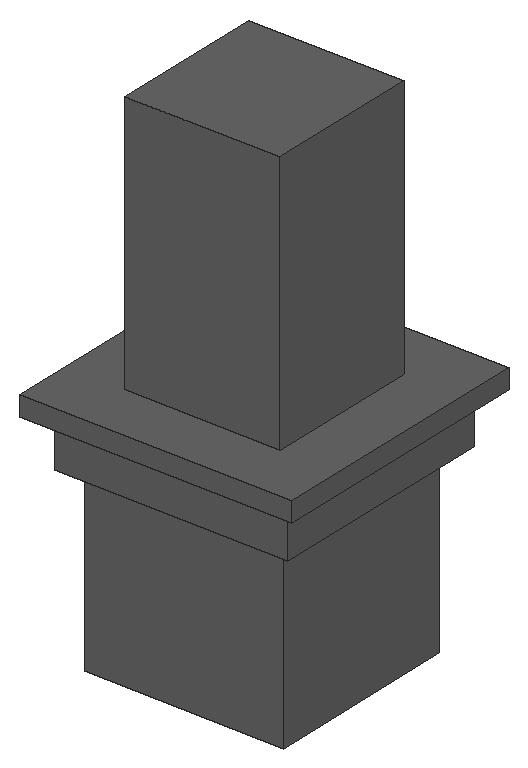
Revit family "LTC-3SQD", category Lighting Fixtures, host Face, Revit 2014
Parameters (values of type "LTC-3SQD-S")
  Wattage Comments = "8-25"  # constant formula
  Wattage = 25 W
  built-in parameter 1150110 = 1 (stored number, unit not read)
  Voltage = if(Is 120V, 120 V, 277 V)  # 120 V
  URL = "https://www.hubbell.com/prescolite/en"
  built-in parameter 1114217 = 1 (stored number, unit not read)
  Tilt Angle = -90.00°
  built-in parameter 1150109 = 1 (stored number, unit not read)
  built-in parameter 1150134 = (empty or 0)
  built-in parameter 1150113 = 1 (stored number, unit not read)
  Reflector Finish = Paint - Hubbell - Carbon Black
  Product Page URL = "https://www.hubbell.com/prescolite/en/Products/Lighting-Controls/Commercial-Indoor-Lighting/Cylinder/LITEISTRY-3-Square-Cylinder-Downlight/p/3775883"
  Product Material = Paint - Hubbell - Carbon Black
  Product Documentation Link = "https://hubbellcdn.com/specsheet/LTC-3SQD.pdf"
  Photometric Web File = "LTC-3SQD-P-20L35K8MD-DM1-S-BL.ies"
  Photometric Notes = "More IES files download on Photometric Web Link"  # constant formula
  Model = "LTC-3SQD"  # constant formula
  Manufacturer = "Prescolite"  # constant formula
  built-in parameter 1150105 = -6252400 (stored number, unit not read)
  Lumens = 2200 lm
  built-in parameter 1150115 = 1 (stored number, unit not read)
  Load Classification = Lighting
  built-in parameter 1150137 = (empty or 0)
  built-in parameter 1150139 = (empty or 0)
  built-in parameter 1150112 = 1 (stored number, unit not read)
  built-in parameter 1150114 = 1 (stored number, unit not read)
  Lamp = " LED's"  # constant formula
  Is 277V = not(Is 120V)  # no
  Is 120V = yes
  built-in parameter 1150132 = (empty or 0)
  built-in parameter 1150102 = (empty or 0)
  built-in parameter 1150107 = 3000 (stored number, unit not read)
  built-in parameter 1150138 = (empty or 0)
  built-in parameter 1150106 = -62524 (stored number, unit not read)
  Glass = Hubbell - White Glass
  Frequency = 60 Hz  # constant formula
  Emit from Rectangle Width = 4"  # constant formula
  Emit from Rectangle Length = 4"  # constant formula
  Emit Shape Visible in Rendering = yes
  built-in parameter 1150104 = 8.1755 (stored number, unit not read)
  Dimming Lamp Color Temperature Shift = <None>
  Description = "LITEISTRY™ 3inch Square Cylinder Downlight"  # constant formula
  Default Elevation = 48"
  Contact Us = "https://www.hubbell.com/prescolite/en/contactUs"
  Connector Description = "Lighting Connector"  # constant formula
  Color Filter = 16777215
  Ceiling Thickness [instance] = 1 1/4"
  Cutout Radius = 3 1/8"
  Ceiling Cutout = Cutout Radius * 2  # 6 1/4"
  built-in parameter 1114218 = 1 (stored number, unit not read)
  built-in parameter 1150133 = 10 (stored number, unit not read)
  Apparent Load = 52 VA
Reference planes (in)
  plane 1 "Center (Front/Back)": y = 0
  plane 2: z = 0
  plane 3 "Center (Left/Right)": x = 0
  plane 4: x = 3
  plane 5: x = -3
  plane 6: y = 3
  plane 7: y = -3
  plane 8: x = 2
  plane 9: x = -2
  plane 10: y = 2
  plane 11: y = -2
  plane 12: z = 7.26172
  plane 13: z = -6
Forms (in)
  Extrusion 1, void
    sketch origin (0, 0, 0) x (1, 0, 0) y (0, 1, 0)
      loop
        circle (0, 0) r 3.125
    from -1.25 to 0
  Extrusion 2, solid, material "Paint - Hubbell - Carbon Black" <- "Product Material"
    sketch origin (0, 0, 0) x (1, 0, 0) y (0, 1, 0)
      loop
        line (-2.625, 2.5) -> (-2.625, -2.5) -> (2.5, -2.5) -> (2.5, 2.5) -> (-2.625, 2.5)
    from -6 to -1.27765
  Extrusion 3, solid, material "Paint - Hubbell - Carbon Black" <- "Product Material"
    sketch origin (0, 0, 0) x (1, 0, 0) y (0, 1, 0)
      loop
        line (-2, 2) -> (-2, -2) -> (2, -2) -> (2, 2) -> (-2, 2)
    from 0 to 7.26172
  Extrusion 4, solid, material "Paint - Hubbell - Carbon Black" <- "Product Material"
    sketch origin (0, 0, 0) x (1, 0, 0) y (0, 1, 0)
      loop
        line (-3, 3) -> (-3, -3) -> (3, -3) -> (3, 3) -> (-3, 3)
    from -1.27765 to 0
  Extrusion 5, solid, material "Paint - Hubbell - Carbon Black" <- "Product Material"
    sketch origin (0, 0, 0) x (1, 0, 0) y (0, 1, 0)
      loop
        line (-3.5, 3.5) -> (-3.5, -3.5) -> (3.5, -3.5) -> (3.5, 3.5) -> (-3.5, 3.5)
    from 0 to 0.5
Dimensions and locks (in)
  plane 5 to plane 9 to plane 8 to plane 4 = 1", 4", 1"
  plane 5 to plane 4 = 6"
  plane 12 to plane 2 = 7 67/256"
  "Cutout Radius": radius of Extrusion 1 sketch curve
  aligned and locked: plane 2 to host face
  aligned and locked: level to host face
  aligned and locked: level to Extrusion 1
  aligned and locked: plane 1 "Center (Front/Back)" to Extrusion 1 sketch curve
  aligned and locked: plane 3 "Center (Left/Right)" to Extrusion 1 sketch curve
  aligned and locked: plane 3 "Center (Left/Right)" to imposter light
Automatic sketch dimensions
  host sketch curve to host sketch curve = 96"  (x2)
  Extrusion 3 sketch curve to plane 9 = 0"
  Extrusion 3 sketch curve to plane 8 = 0"
  plane 11 to Extrusion 3 sketch curve = 0"
  plane 10 to Extrusion 3 sketch curve = 0"
  Extrusion 2 sketch curve to plane 7 = 1/2"
  plane 6 to Extrusion 2 sketch curve = 1/2"
  plane 8 to Extrusion 2 sketch curve = 1/2"
  Extrusion 2 sketch curve to plane 9 = 5/8"
  Extrusion 4 sketch curve to plane 5 = 0"
  Extrusion 4 sketch curve to plane 4 = 0"
  plane 7 to Extrusion 4 sketch curve = 0"
  plane 6 to Extrusion 4 sketch curve = 0"
  Extrusion 5 sketch curve to plane 5 = 1/2"
  plane 4 to Extrusion 5 sketch curve = 1/2"
  plane 7 to Extrusion 5 sketch curve = 1/2"
  Extrusion 5 sketch curve to plane 6 = 1/2"
Connectors (in)
  electrical at (0, 0, 0), driven by "Connector Description", driven by "Voltage", driven by "Apparent Load", driven by "Load Classification"
    settings: on host face, index 1, voltage 120 V, apparent load 52 VA, apparent load phase1 0 VA, apparent load phase2 0 VA, apparent load phase3 0 VA, power factor 0.9, load classification "Lighting", number of poles 1, system type 30, power factor state 1, is connector primary yes, connector utility no, sub classification motor no, connector description "Lighting Connector"
